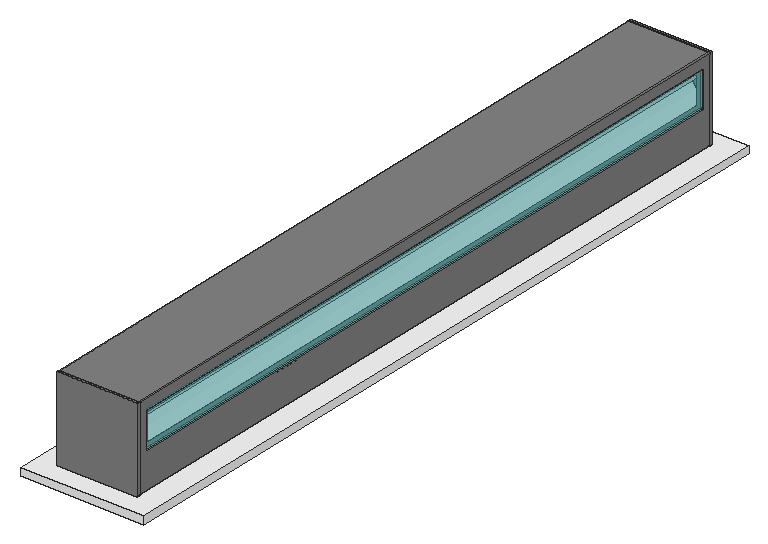
Revit family "BE_24644_de_DE", category Leuchten, Revit 2017
Family settings
  Basisbauteil = Fläche
  Bemaßung runder Anschluss = Durchmesser verwenden
  Teiletyp = Normal
  Beim Laden mit Abzugskörper schneiden = Ja
  Lichtquelle = Ja
  Gemeinsam genutzt = Nein
  Raumberechnungspunkt = Ja
Parameters (values of type "BEGA_24644_Grafit_K4")
  built-in parameter 1150104 = 17.476 (stored number, unit not read)
  Wattage = 74 W
  Default Elevation = 0 mm
  built-in parameter 1150113 = 1 (stored number, unit not read)
  built-in parameter 1114218 = 1 (stored number, unit not read)
  Umgebungstemperatur = "25 °C"
  URL = "https://www.bega.com/de/produkt/24644"
  Typenkommentare = "© 2021 BEGA. Wir behalten uns das Recht vor, technische Änderungen ohne vorherige Ankündigung vorzunehmen."  # constant formula
  built-in parameter 1150134 = 12
  built-in parameter 1150109 = 1 (stored number, unit not read)
  Strom = ""
  built-in parameter 1150110 = 1 (stored number, unit not read)
  Spannung = 239.996 V
  Sonderanfertigung = no
  Seriennummer [instance] = "Hier können Sie die eindeutige Seriennummer für das Facility Management eintragen."
  Schutzklasse = "I"
  Schutzart = "IP 65"
  Scheinlast = 0 VA
  Produktdatenblatt = "http://www.bega.de/download/Xrfa/db/24644.db.de.pdf"
  Oberflächentemperatur = ""
  Neigungswinkel = 0.00°
  Modell = "24644K4"
  Material_17 = BEGA_Reflektor
  Material_15 = BEGA_Leuchtmedium_matt
  Material_09 = BEGA_Glas_klar
  Material_06 = BEGA_Oberfläche_Edelstahl_gebürstet
  Material_05 = BEGA_Oberfläche_Aluminium Guss
  Material_02 = BEGA_Oberfläche_Silber_matt
  Material_01 [instance] = BEGA_Oberfläche_Grafit_matt
  M_W = no
  M_G = yes
  M_A = no
  Logo = 0
  built-in parameter 1114217 = 1 (stored number, unit not read)
  built-in parameter 1150139 = (empty or 0)
  built-in parameter 1150105 = 1107.7 (stored number, unit not read)
  built-in parameter 1150114 = 1 (stored number, unit not read)
  Lumens = 13920.1 lm
  built-in parameter 1150115 = 1 (stored number, unit not read)
  Leuchtenlichtstrom = "8097 lm"
  Leuchtenanzahl = ""
  Lebensdauerkriterien = "L70B50 @ 25 °C = 200000 h"
  Lastklassifizierung = Beleuchtung
  built-in parameter 1150112 = 1 (stored number, unit not read)
  Lampenlichtstrom = "13920 lm"
  Lampe = "LED 69.6 W"
  LED_Modulbezeichnung = "6x LED-1204/840"
  built-in parameter 1150142 = (empty or 0)
  Hersteller = "BEGA"  # constant formula
  Halbstreuwinkel = ""
  Gewicht = "8.65 kg"
  Gebrauchslageneinschränkung [instance] = ""
  Frequenz = "0/50-60 Hz"
  Farbwiedergabeindex = "CRI > 80"
  Farbtemperaturverschiebung bei Dämpfen der Lampe = <Keine Auswahl>
  Farbtemperatur = "4000 K"
  Color Filter = 16777215
  built-in parameter 1150133 = 10 (stored number, unit not read)
  Energieeffizienzklasse = "LED A++ - A"
  built-in parameter 1150137 = (empty or 0)
  built-in parameter 1150132 = (empty or 0)
  ENEC = ""
  Dimmbar [instance] = "DALI"
  Datei für fotometrisches Netz = "BE_24644K4.IES"
  CE_Konformität = "ja"
  Bestellnummer = "24644K4"
  Beschreibung_Sonderanfertigung = "Hier können Sie Informationen zur Sonderanfertigung eintragen."
  Beschreibung = "Wandleuchte"
  built-in parameter 1150106 = 11.077 (stored number, unit not read)
  Befestigungsbohrung = "Ø 7 mm"
  Befestigungsabstand = "850 mm"
  BEGA_Intern_aus = yes
  BEGA_Intern_an = yes
  BEGA_Intern_Konstruktion = yes
  BEGA_Intern = yes
  BEGA_IES = yes
  BEGA_Dummy = no
  Anschlussleitung = ""
  Anschlussleistung [instance] = "74 W"
  Anschlusskasten = ""
  built-in parameter 1150107 = 4000 (stored number, unit not read)
  built-in parameter 1150102 = (empty or 0)
  built-in parameter 1150138 = (empty or 0)
  Aktualisierung = "2021-08-16T04:00:07"
  Abstand_zur_angestrahlten_Fläche [instance] = ""
  AC/DC = "AC/DC"
Types (4, lengths in mm): name | built-in parameter 1150104 | built-in parameter 1150134 | Modell | M_G | M_A | built-in parameter 1150105 | Lumens | Leuchtenlichtstrom | Lampenlichtstrom | LED_Modulbezeichnung | Farbtemperatur | Datei für fotometrisches Netz | Bestellnummer | built-in parameter 1150106 | built-in parameter 1150107
  BEGA_24644_Silber_K3 | 16.986 (stored number, unit not read) | (empty or 0) | "24644AK3" | no | yes | 1076.7 (stored number, unit not read) | 13530.2 lm | "7870 lm" | "13530 lm" | "6x LED-1204/830" | "3000 K" | "BE_24644K3.IES" | "24644AK3" | 10.767 (stored number, unit not read) | 3000 (stored number, unit not read)
  BEGA_24644_Silber_K4 | 17.476 (stored number, unit not read) | 12 | "24644AK4" | no | yes | 1107.7 (stored number, unit not read) | 13920.1 lm | "8097 lm" | "13920 lm" | "6x LED-1204/840" | "4000 K" | "BE_24644K4.IES" | "24644AK4" | 11.077 (stored number, unit not read) | 4000 (stored number, unit not read)
  BEGA_24644_Grafit_K3 | 16.986 (stored number, unit not read) | (empty or 0) | "24644K3" | yes | no | 1076.7 (stored number, unit not read) | 13530.2 lm | "7870 lm" | "13530 lm" | "6x LED-1204/830" | "3000 K" | "BE_24644K3.IES" | "24644K3" | 10.767 (stored number, unit not read) | 3000 (stored number, unit not read)
  BEGA_24644_Grafit_K4 | 17.476 (stored number, unit not read) | 12 | "24644K4" | yes | no | 1107.7 (stored number, unit not read) | 13920.1 lm | "8097 lm" | "13920 lm" | "6x LED-1204/840" | "4000 K" | "BE_24644K4.IES" | "24644K4" | 11.077 (stored number, unit not read) | 4000 (stored number, unit not read)
Reference planes
  plane 1 "Mitte (Vorne/Hinten)": y = 0
  plane 2: z = 0
  plane 3 "Mitte (Links/Rechts)": x = 0
  plane 4 "Links": x = -52.5
  plane 5 "Rechts": x = 52.5
  plane 6 "Unten": y = -465.127
  plane 7 "Oben": y = 465.054
  plane 8 "Vorne": z = 110.782
  plane 9 "Hinten": z = 0
Forms (mm)
  Extrusion 1, solid, material "BEGA_Platte_Weiss"
    sketch origin (0, -1119.2, 0) x (1, 0, 0) y (0, 1, 0)
      loop
        line (-80, 1609.2) -> (-80, 629.2) -> (80, 629.2) -> (80, 1609.2) -> (-80, 1609.2)
    from 0 to -10
  Extrusion 2, solid, material "BEGA_Dummy_matt", visible <- "BEGA_Dummy"
    sketch origin (80.095, -76.023, 0) x (1, 0, 0) y (0, 1, 0)
      loop
        line (-132.595, 541.077) -> (-132.595, -389.104) -> (-27.595, -389.104) -> (-27.595, 541.077) -> (-132.595, 541.077)
    from 0 to 110.782
Dimensions and locks
  plane 1 "Mitte (Vorne/Hinten)" to Extrusion 1 = 490 mm
  aligned and locked: Extrusion 1 to plane 2
  aligned and locked: level to Extrusion 1
Nested families
  nested 1: "BE_24644" at (0, 0, 0), type "BE_24644"
Connectors
  electrical at (0, 0, 0), driven by "Lastklassifizierung", driven by "Spannung", driven by "Scheinlast"
    settings: index 1, voltage 239.996 V, apparent load 0 VA, apparent load phase1 0 VA, apparent load phase2 0 VA, apparent load phase3 0 VA, power factor 1, load classification "Beleuchtung", number of poles 1, system type 31, power factor state 1, is connector primary yes, connector utility no, sub classification motor no, connector description ""
Definition of nested family "BE_24644"
  Parameters (values of type "BE_24644")
    Default Elevation = 1 mm
    URL = "http://www.bega.de/de/produkt"
    Type Comments = "© 2015 BEGA. Wir behalten uns das Recht vor, technische Änderungen ohne vorherige Ankündigung vorzunehmen. "  # constant formula
    Type Image = (empty or 0)
    Material_17 = none
    Material_15 = none
    Material_09 = none
    Material_06 = none
    Material_05 = none
    Material_02 = none
    Material_01 = none
    M_W = yes
    M_G = yes
    M_A = yes
    Länge_Platte = 200 mm  # constant formula
    Höhe_Platte = -10 mm  # constant formula
    Manufacturer = "BEGA"  # constant formula
    Breite_Platte = 1000 mm  # constant formula
  Reference planes
    plane 1 "Mitte (Oben/Unten)": y = 0
    plane 2: z = 0
    plane 3 "Mitte (Links/Rechts)": x = 0
    plane 4: x = -52.4
    plane 5: x = 52.5
    plane 6: z = 110.782
  Forms (mm)
    Extrusion 1, solid, detail levels medium
      sketch origin (0, 0, 0) x (1, 0, 0) y (0, 1, 0)
        loop
          line (-100, 500) -> (-100, -500) -> (100, -500) -> (100, 500) -> (-100, 500)
      from 0 to -10 <- "Höhe_Platte"
    Extrusion 2, solid, material <- "Material_01", visible <- "M_G"
      sketch origin (0, 0, 0) x (1, 0, 0) y (0, 0, 1)
        loop
          arc (-51.5, 110.782) -> (-52.207, 110.489) -> (-52.5, 109.782) r 1
          line (-52.5, 109.782) -> (-52.5, 97.782) -> (-52.5, 48.382) -> (-52.5, 2.782)
          arc (-52.5, 2.782) -> (-52.207, 2.074) -> (-51.5, 1.782) r 1
          line (-51.5, 1.782) -> (-33.514, 1.782) -> (-33.18, 11.348)
          arc (-33.18, 11.348) -> (-31.659, 14.776) -> (-28.183, 16.182) r 5
          line (-28.183, 16.182) -> (28.183, 16.182)
          arc (28.183, 16.182) -> (31.659, 14.776) -> (33.18, 11.348) r 5
          line (33.18, 11.348) -> (33.514, 1.782) -> (51.5, 1.782)
          arc (51.5, 1.782) -> (52.207, 2.074) -> (52.5, 2.782) r 1
          line (52.5, 2.782) -> (52.5, 109.782)
          arc (52.5, 109.782) -> (52.207, 110.489) -> (51.5, 110.782) r 1
          line (51.5, 110.782) -> (-51.5, 110.782)
        loop
          line (-46.5, 49.782) -> (-42.5, 49.782) -> (-12.495, 49.782) -> (-12.495, 103.782) -> (-46.5, 103.782) -> (-46.5, 49.782)
        loop
          line (46.5, 49.782) -> (46.5, 103.782) -> (12.495, 103.782) -> (12.495, 49.782) -> (42.5, 49.782) -> (46.5, 49.782)
      from -462 to 462
    Extrusion 3, solid, material <- "Material_01"
      sketch origin (0, 0, 0) x (1, 0, 0) y (0, 0, 1)
        loop
          line (-28.204, 4.046) -> (-24.895, 0.737)
          arc (-24.895, 0.737) -> (-24.083, 0.192) -> (-23.123, 0) r 2.5
          line (-23.123, 0) -> (23.394, 0)
          arc (23.394, 0) -> (24.354, 0.192) -> (25.166, 0.737) r 2.5
          line (25.166, 0.737) -> (28.476, 4.046)
          arc (28.476, 4.046) -> (28.768, 4.753) -> (28.476, 5.46) r 1
          line (28.476, 5.46) -> (26.436, 7.5) -> (28.476, 9.54)
          arc (28.476, 9.54) -> (28.768, 10.247) -> (28.476, 10.954) r 1
          line (28.476, 10.954) -> (27.773, 11.657)
          arc (27.773, 11.657) -> (27.068, 11.954) -> (26.359, 11.666) r 1
          line (26.359, 11.666) -> (24.372, 9.679)
          arc (24.372, 9.679) -> (23.827, 8.867) -> (23.636, 7.907) r 2.5
          line (23.636, 7.907) -> (23.636, 3.8)
          arc (23.636, 3.8) -> (23.343, 3.093) -> (22.636, 2.8) r 1
          line (22.636, 2.8) -> (15.136, 2.8) -> (-22.364, 2.8)
          arc (-22.364, 2.8) -> (-23.072, 3.093) -> (-23.364, 3.8) r 1
          line (-23.364, 3.8) -> (-23.364, 7.907)
          arc (-23.364, 7.907) -> (-23.555, 8.864) -> (-24.097, 9.675) r 2.5
          line (-24.097, 9.675) -> (-26.088, 11.666)
          arc (-26.088, 11.666) -> (-26.793, 11.954) -> (-27.497, 11.661) r 1
          line (-27.497, 11.661) -> (-28.204, 10.954)
          arc (-28.204, 10.954) -> (-28.497, 10.25) -> (-28.209, 9.544) r 1
          line (-28.209, 9.544) -> (-26.164, 7.5) -> (-28.209, 5.456)
          arc (-28.209, 5.456) -> (-28.497, 4.75) -> (-28.204, 4.046) r 1
      from -455 to 455
    Extrusion 4, void
      sketch origin (0, 0, 0) x (1, 0, 0) y (0, 1, 0)
        loop
          arc (15, 100) -> (0, 115) -> (-15, 100) r 15
          line (-15, 100) -> (-15, -100)
          arc (-15, -100) -> (0, -115) -> (15, -100) r 15
          line (15, -100) -> (15, 100)
        loop
          arc (3.5, -420) -> (0, -416.5) -> (-3.5, -420) r 3.5
          line (-3.5, -420) -> (-3.5, -430)
          arc (-3.5, -430) -> (0, -433.5) -> (3.5, -430) r 3.5
          line (3.5, -430) -> (3.5, -420)
        loop
          line (-5, 421.5) -> (5, 421.5)
          arc (5, 421.5) -> (8.5, 425) -> (5, 428.5) r 3.5
          line (5, 428.5) -> (-5, 428.5)
          arc (-5, 428.5) -> (-8.5, 425) -> (-5, 421.5) r 3.5
      from 0 to 2.8
    Extrusion 5, solid, material <- "Material_09"
      sketch origin (0, 0, 0) x (1, 0, 0) y (0, 0, 1)
        loop
          line (-52.4, 95.782) -> (-52.4, 50.282) -> (-48.4, 50.282) -> (-48.4, 95.782) -> (-52.4, 95.782)
      from -450.614 to 450.615
    Blend 6, void
      base sketch origin (0, 0, 0) x (0, 1, 0) y (0, 0, 1)
        loop
          line (-452, 97.782) -> (-452, 48.382) -> (452, 48.382) -> (452, 97.782) -> (-452, 97.782)
      top sketch origin (0, 0, 0) x (0, 1, 0) y (0, 0, 1)
        loop
          line (450.614, 96.398) -> (-450.615, 96.398) -> (-450.615, 49.765) -> (450.614, 49.765) -> (450.614, 96.398)
      from -52.5 to -48.2
    Extrusion 7, void
      sketch origin (0, 0, 0) x (0, 1, 0) y (0, 0, 1)
        loop
          line (462, 93.398) -> (-462, 93.398) -> (-462, 52.765) -> (462, 52.765) -> (462, 93.398)
      from -48.2 to -46.5
    Extrusion 8, solid, material <- "Material_01", visible <- "M_G"
      sketch origin (0, -150, 0) x (1, 0, 0) y (0, 0, 1)
        loop
          line (51.5, 110.782) -> (-51.5, 110.782)
          arc (-51.5, 110.782) -> (-52.207, 110.489) -> (-52.5, 109.782) r 1
          line (-52.5, 109.782) -> (-52.5, 2.782)
          arc (-52.5, 2.782) -> (-52.207, 2.074) -> (-51.5, 1.782) r 1
          line (-51.5, 1.782) -> (51.5, 1.782)
          arc (51.5, 1.782) -> (52.207, 2.074) -> (52.5, 2.782) r 1
          line (52.5, 2.782) -> (52.5, 109.782)
          arc (52.5, 109.782) -> (52.207, 110.489) -> (51.5, 110.782) r 1
      from 312 to 315.127
    Extrusion 9, solid, material <- "Material_01", visible <- "M_G"
      sketch origin (0, 150, 0) x (1, 0, 0) y (0, 0, -1)
        loop
          arc (51.5, -110.782) -> (52.207, -110.489) -> (52.5, -109.782) r 1
          line (52.5, -109.782) -> (52.5, -2.782)
          arc (52.5, -2.782) -> (52.207, -2.074) -> (51.5, -1.782) r 1
          line (51.5, -1.782) -> (-51.5, -1.782)
          arc (-51.5, -1.782) -> (-52.207, -2.074) -> (-52.5, -2.782) r 1
          line (-52.5, -2.782) -> (-52.5, -109.782)
          arc (-52.5, -109.782) -> (-52.207, -110.489) -> (-51.5, -110.782) r 1
          line (-51.5, -110.782) -> (51.5, -110.782)
      from 312 to 315.054
    Extrusion 10, solid, material <- "Material_17"
      sketch origin (0, 0, 0) x (1, 0, 0) y (0, 0, 1)
        loop
          line (-46.5, 96.532) -> (-19.661, 64.226) -> (-19.353, 65.028) -> (-45.709, 96.754) -> (-46.5, 96.532)
      from -462 to 462
    Extrusion 11, solid, material <- "Material_15"
      sketch origin (0, 154.005, 0) x (1, 0, 0) y (0, 0, 1)
        loop
          line (-36.427, 54.124) -> (-35.652, 52.782) -> (-18.764, 62.532) -> (-19.539, 63.874) -> (-36.427, 54.124)
      from 5.004 to 303.005
    Extrusion 12, solid, material <- "Material_05"
      sketch origin (0, 0, 0) x (1, 0, 0) y (0, 0, 1)
        loop
          line (-35.825, 52.682) -> (-34.325, 50.083) -> (-15.185, 61.134) -> (-22.705, 103.782) -> (-25.752, 103.782) -> (-18.505, 62.682) -> (-35.825, 52.682)
      from -462 to 462
    Extrusion 13, void
      sketch origin (0, 0, 0) x (0, 1, 0) y (0, 0, 1)
        loop
          circle (-439, 7.182) r 2.75
        loop
          circle (439, 7.182) r 2.75
      from -52.5 to -32.811
    Revolve 14, solid, material <- "Material_06"
      sketch origin (0, -439, 0) x (1, 0, 0) y (0, 0, 1)
        loop
          line (-45, 7.182) -> (-26.5, 7.182) -> (-29.5, 10.182) -> (-45, 10.182) -> (-45, 7.182)
        axis (-26.5, 7.182) -> (-45, 7.182)
      angle from 0 to 360
    Revolve 15, solid, material <- "Material_06"
      sketch origin (0, 439, 0) x (1, 0, 0) y (0, 0, -1)
        loop
          line (-45, -7.182) -> (-45, -10.182) -> (-29.5, -10.182) -> (-26.5, -7.182) -> (-45, -7.182)
        axis (-26.5, -7.182) -> (-45, -7.182)
      angle from 0 to 360
    Extrusion 16, solid, material <- "Material_01"
      sketch origin (0, 0, 0) x (0, 1, 0) y (0, 0, 1)
        loop
          line (446.114, 91.282) -> (-446.115, 91.282) -> (-446.115, 54.782) -> (446.114, 54.782) -> (446.114, 91.282)
        loop
          line (450.614, 95.782) -> (-450.615, 95.782) -> (-450.615, 50.282) -> (450.614, 50.282) -> (450.614, 95.782)
      from -48.4 to -48.2
    Extrusion 17, solid, material <- "Material_17"
      sketch origin (0, 0, 0) x (-1, 0, 0) y (0, 0, -1)
        loop
          line (-16.315, -100.895) -> (-15.695, -100.276)
          arc (-15.695, -100.276) -> (-26.218, -73.671) -> (-45.112, -52.187) r 83.413
          line (-45.112, -52.187) -> (-45.945, -52.144)
          arc (-45.945, -52.144) -> (-26.792, -73.883) -> (-16.315, -100.895) r 82.688
      from -462 to 462
    Extrusion 18, solid, material <- "Material_05"
      sketch origin (0, 0, 0) x (-1, 0, 0) y (0, 0, -1)
        loop
          arc (-43.545, -96.882) -> (-43.892, -96.124) -> (-44.696, -95.87) r 1
          arc (-44.696, -95.87) -> (-45.497, -95.639) -> (-45.845, -94.882) r 1
          line (-45.845, -94.882) -> (-45.845, -92.379) -> (-41.742, -81.053) -> (-39.391, -81.905) -> (-43.495, -93.182) -> (-22.34, -100.882) -> (-18.795, -100.882)
          arc (-18.795, -100.882) -> (-18.442, -100.735) -> (-18.295, -100.382) r 0.5
          line (-18.295, -100.382) -> (-18.295, -99.163)
          arc (-18.295, -99.163) -> (-17.916, -98.696) -> (-17.362, -98.932) r 0.5
          line (-17.362, -98.932) -> (-15.495, -102.165) -> (-15.495, -90.182) -> (-12.495, -90.182) -> (-12.495, -103.682) -> (-41.545, -103.682)
          arc (-41.545, -103.682) -> (-42.959, -103.096) -> (-43.545, -101.682) r 2
          line (-43.545, -101.682) -> (-43.515, -96.965)
      from -462 to 462
    Blend 19, void
      base sketch origin (0, 0, 0) x (0, 1, 0) y (0, 0, 1)
        loop
          line (-452, 97.782) -> (-452, 48.381) -> (452, 48.381) -> (452, 97.782) -> (-452, 97.782)
      top sketch origin (0, 0, 0) x (0, 1, 0) y (0, 0, 1)
        loop
          line (-450.615, 49.764) -> (450.616, 49.768) -> (450.613, 96.396) -> (-450.615, 96.396) -> (-450.615, 49.764)
      from 52.5 to 48.232
    Extrusion 20, void
      sketch origin (0, 0, 0) x (0, 1, 0) y (0, 0, 1)
        loop
          line (-462, 50.782) -> (462, 50.782) -> (462, 95.074) -> (-462, 95.074) -> (-462, 50.782)
      from 46.5 to 48.4
    Extrusion 21, solid, material <- "Material_09"
      sketch origin (0, 0, 0) x (-1, 0, 0) y (0, 0, -1)
        loop
          line (-52.4, -95.782) -> (-48.4, -95.782) -> (-48.4, -50.282) -> (-52.4, -50.282) -> (-52.4, -95.782)
      from -450.614 to 450.615
    Extrusion 22, solid, material <- "Material_01"
      sketch origin (0, 0, 0) x (0, 1, 0) y (0, 0, -1)
        loop
          line (446.115, -91.282) -> (446.115, -54.782) -> (-446.115, -54.782) -> (-446.115, -91.282) -> (446.115, -91.282)
        loop
          line (450.615, -95.782) -> (450.615, -50.282) -> (-450.615, -50.282) -> (-450.615, -95.782) -> (450.615, -95.782)
      from -48.4 to -48.2
    Extrusion 23, solid, material <- "Material_15"
      sketch origin (0, 148.995, 0) x (1, 0, 0) y (0, 0, -1)
        loop
          line (-36.427, -54.124) -> (-19.539, -63.874) -> (-18.764, -62.532) -> (-35.652, -52.782) -> (-36.427, -54.124)
      from 5.004 to 303.005
    Extrusion 24, solid, material <- "Material_15"
      sketch origin (0, -150, 0) x (1, 0, 0) y (0, 0, 1)
        loop
          line (24.171, 98.565) -> (42.495, 91.896) -> (43.026, 93.353) -> (24.701, 100.022) -> (24.171, 98.565)
      from 5.004 to 305
    Extrusion 25, solid, material <- "Material_15"
      sketch origin (0, -155.002, 0) x (1, 0, 0) y (0, 0, -1)
        loop
          line (24.171, -98.565) -> (24.701, -100.022) -> (43.026, -93.353) -> (42.495, -91.896) -> (24.171, -98.565)
      from 5.004 to 305
    Extrusion 26, solid, material <- "Material_15"
      sketch origin (0, -148.995, 0) x (1, 0, 0) y (0, 0, 1)
        loop
          line (-36.427, 54.124) -> (-35.652, 52.782) -> (-18.764, 62.532) -> (-19.539, 63.874) -> (-36.427, 54.124)
      from 5.004 to 303.005
    Extrusion 27, solid, material <- "Material_15"
      sketch origin (0, 150, 0) x (1, 0, 0) y (0, 0, -1)
        loop
          line (24.171, -98.565) -> (24.701, -100.022) -> (43.026, -93.353) -> (42.495, -91.896) -> (24.171, -98.565)
      from 5.004 to 305
    Extrusion 28, solid, material <- "Material_02", visible <- "M_A"
      sketch origin (0, 150, 0) x (1, 0, 0) y (0, 0, -1)
        loop
          arc (51.5, -110.782) -> (52.207, -110.489) -> (52.5, -109.782) r 1
          line (52.5, -109.782) -> (52.5, -2.782)
          arc (52.5, -2.782) -> (52.207, -2.074) -> (51.5, -1.782) r 1
          line (51.5, -1.782) -> (-51.5, -1.782)
          arc (-51.5, -1.782) -> (-52.207, -2.074) -> (-52.5, -2.782) r 1
          line (-52.5, -2.782) -> (-52.5, -109.782)
          arc (-52.5, -109.782) -> (-52.207, -110.489) -> (-51.5, -110.782) r 1
          line (-51.5, -110.782) -> (51.5, -110.782)
      from 312 to 315.054
    Extrusion 29, solid, material <- "Material_02", visible <- "M_A"
      sketch origin (0, 0, 0) x (1, 0, 0) y (0, 0, 1)
        loop
          arc (-51.5, 110.782) -> (-52.207, 110.489) -> (-52.5, 109.782) r 1
          line (-52.5, 109.782) -> (-52.5, 97.782) -> (-52.5, 48.382) -> (-52.5, 2.782)
          arc (-52.5, 2.782) -> (-52.207, 2.074) -> (-51.5, 1.782) r 1
          line (-51.5, 1.782) -> (-33.514, 1.782) -> (-33.18, 11.348)
          arc (-33.18, 11.348) -> (-31.659, 14.776) -> (-28.183, 16.182) r 5
          line (-28.183, 16.182) -> (28.183, 16.182)
          arc (28.183, 16.182) -> (31.659, 14.776) -> (33.18, 11.348) r 5
          line (33.18, 11.348) -> (33.514, 1.782) -> (51.5, 1.782)
          arc (51.5, 1.782) -> (52.207, 2.074) -> (52.5, 2.782) r 1
          line (52.5, 2.782) -> (52.5, 109.782)
          arc (52.5, 109.782) -> (52.207, 110.489) -> (51.5, 110.782) r 1
          line (51.5, 110.782) -> (-51.5, 110.782)
        loop
          line (-46.5, 49.782) -> (-42.5, 49.782) -> (-12.495, 49.782) -> (-12.495, 103.782) -> (-46.5, 103.782) -> (-46.5, 49.782)
        loop
          line (46.5, 49.782) -> (46.5, 103.782) -> (12.495, 103.782) -> (12.495, 49.782) -> (42.5, 49.782) -> (46.5, 49.782)
      from -462 to 462
    Extrusion 30, solid, material <- "Material_02", visible <- "M_A"
      sketch origin (0, -150, 0) x (1, 0, 0) y (0, 0, 1)
        loop
          line (51.5, 110.782) -> (-51.5, 110.782)
          arc (-51.5, 110.782) -> (-52.207, 110.489) -> (-52.5, 109.782) r 1
          line (-52.5, 109.782) -> (-52.5, 2.782)
          arc (-52.5, 2.782) -> (-52.207, 2.074) -> (-51.5, 1.782) r 1
          line (-51.5, 1.782) -> (51.5, 1.782)
          arc (51.5, 1.782) -> (52.207, 2.074) -> (52.5, 2.782) r 1
          line (52.5, 2.782) -> (52.5, 109.782)
          arc (52.5, 109.782) -> (52.207, 110.489) -> (51.5, 110.782) r 1
      from 312 to 315.127
  Cuts and joins
    Extrusion 4, Blend 6, Extrusion 7, Extrusion 13, Blend 19, Extrusion 20 cuts Extrusion 2
    Extrusion 4, Extrusion 13 cuts Extrusion 3
    Blend 19, Extrusion 20 cuts Extrusion 17
    Blend 19, Extrusion 20 cuts Extrusion 18
    Blend 6, Extrusion 7, Extrusion 13, Blend 19, Extrusion 20 cuts Extrusion 29
  Dimensions and locks
    equal spacing: Extrusion 1 sketch curve, plane 3 "Mitte (Links/Rechts)", Extrusion 1 sketch curve
    equal spacing: Extrusion 1 sketch curve, plane 1 "Mitte (Oben/Unten)", Extrusion 1 sketch curve
    "Länge_Platte": Extrusion 1 sketch curve to Extrusion 1 sketch curve
    "Breite_Platte": Extrusion 1 sketch curve to Extrusion 1 sketch curve
    aligned and locked: Extrusion 1 to plane 2
    aligned and locked: level to Extrusion 1
  Automatic sketch dimensions
    Extrusion 2 sketch curve to plane 6 = 0 mm
    Extrusion 2 sketch curve to plane 5 = 0 mm
    Extrusion 2 sketch curve to plane 5 = 1 mm  (x2)
    Extrusion 2 sketch curve to plane 5 = 6 mm
    Extrusion 2 sketch curve to Extrusion 2 sketch curve = 4 mm  (x2)
    level to Extrusion 2 sketch curve = 1.782 mm  (x2)
    Extrusion 2 sketch curve to Extrusion 2 sketch curve = 17.986 mm
    level to Extrusion 2 sketch curve = 11.348 mm  (x2)
    Extrusion 2 sketch curve to Extrusion 2 sketch curve = 0.334 mm  (x2)
    Extrusion 2 sketch curve to Extrusion 2 sketch curve = 4.997 mm  (x2)
    plane 3 "Mitte (Links/Rechts)" to Extrusion 2 sketch curve = 12.495 mm
    Extrusion 2 sketch curve to plane 3 "Mitte (Links/Rechts)" = 12.495 mm
    Extrusion 2 sketch curve to plane 4 = 24.217 mm
    Extrusion 2 sketch curve to plane 4 = 9.9 mm
    Extrusion 2 sketch curve to plane 4 = 0.9 mm  (x2)
    plane 4 to Extrusion 2 sketch curve = 0.1 mm
    Extrusion 2 sketch curve to Extrusion 2 sketch curve = 0.167 mm
    Extrusion 2 sketch curve to Extrusion 2 sketch curve = 32.2 mm
    Extrusion 2 sketch curve to Extrusion 2 sketch curve = 33.6 mm
    Extrusion 2 sketch curve to Extrusion 2 sketch curve = 0 mm
    Extrusion 2 sketch curve to Extrusion 2 sketch curve = 12 mm
    Extrusion 2 sketch curve to plane 6 = 7 mm  (x2)
    Extrusion 3 sketch curve to level = 0 mm
    level to Extrusion 3 sketch curve = 5.456 mm
    Extrusion 3 sketch curve to plane 4 = 24.191 mm
    level to Extrusion 3 sketch curve = 9.544 mm
    Extrusion 3 sketch curve to Extrusion 3 sketch curve = 0 mm  (x10)
    Extrusion 3 sketch curve to Extrusion 3 sketch curve = 0.712 mm  (x4)
    Extrusion 3 sketch curve to Extrusion 3 sketch curve = 0.707 mm  (x9)
    level to Extrusion 3 sketch curve = 11.666 mm  (x2)
    Extrusion 3 sketch curve to Extrusion 3 sketch curve = 0.703 mm  (x5)
    Extrusion 3 sketch curve to Extrusion 3 sketch curve = 0.3 mm  (x2)
    level to Extrusion 3 sketch curve = 0.737 mm  (x2)
    Extrusion 3 sketch curve to Extrusion 3 sketch curve = 2.602 mm
    Extrusion 3 sketch curve to Extrusion 3 sketch curve = 2.5 mm
    Extrusion 3 sketch curve to Extrusion 3 sketch curve = 0.241 mm
    Extrusion 3 sketch curve to Extrusion 3 sketch curve = 1 mm  (x2)
    level to Extrusion 3 sketch curve = 2.8 mm
    plane 3 "Mitte (Links/Rechts)" to Extrusion 3 sketch curve = 15.136 mm
    Extrusion 3 sketch curve to Extrusion 3 sketch curve = 7.5 mm
    Extrusion 3 sketch curve to Extrusion 3 sketch curve = 0.759 mm
    level to Extrusion 3 sketch curve = 9.679 mm
    Extrusion 3 sketch curve to Extrusion 3 sketch curve = 0.737 mm
    Extrusion 3 sketch curve to Extrusion 3 sketch curve = 1.772 mm
    Extrusion 3 sketch curve to Extrusion 3 sketch curve = 1.763 mm
    Extrusion 3 sketch curve to Extrusion 3 sketch curve = 1.986 mm
    level to Extrusion 3 sketch curve = 7.5 mm
    Extrusion 3 sketch curve to Extrusion 3 sketch curve = 1.333 mm
    level to Extrusion 3 sketch curve = 11.657 mm
    Extrusion 3 sketch curve to Extrusion 3 sketch curve = 2.747 mm
    Extrusion 3 sketch curve to Extrusion 3 sketch curve = 2.044 mm
    Extrusion 3 sketch curve to Extrusion 3 sketch curve = 0.407 mm
    level to Extrusion 3 sketch curve = 4.046 mm  (x2)
    level to Extrusion 3 sketch curve = 10.954 mm  (x2)
    level to Extrusion 3 sketch curve = 11.661 mm
    Extrusion 3 sketch curve to Extrusion 3 sketch curve = 0.732 mm
    level to Extrusion 3 sketch curve = 9.675 mm
    level to Extrusion 3 sketch curve = 9.54 mm
    level to Extrusion 3 sketch curve = 5.46 mm
    Extrusion 4 sketch curve to plane 3 "Mitte (Links/Rechts)" = 0 mm  (x2)
    Extrusion 4 sketch curve to Extrusion 4 sketch curve = 3.5 mm  (x2)
    Extrusion 4 sketch curve to plane 3 "Mitte (Links/Rechts)" = 5 mm
    Extrusion 4 sketch curve to Extrusion 4 sketch curve = 15 mm
    plane 3 "Mitte (Links/Rechts)" to Extrusion 4 sketch curve = 5 mm
    plane 1 "Mitte (Oben/Unten)" to Extrusion 4 sketch curve = 430 mm
    Extrusion 4 sketch curve to Extrusion 4 sketch curve = 10 mm
    plane 1 "Mitte (Oben/Unten)" to Extrusion 4 sketch curve = 100 mm
    Extrusion 4 sketch curve to plane 1 "Mitte (Oben/Unten)" = 100 mm
    Extrusion 4 sketch curve to Extrusion 4 sketch curve = 321.5 mm
    Extrusion 4 sketch curve to Extrusion 4 sketch curve = 0 mm
    plane 4 to Extrusion 5 sketch curve = 0 mm
    Extrusion 5 sketch curve to plane 4 = 4 mm
    level to Extrusion 5 sketch curve = 50.282 mm
    Extrusion 5 sketch curve to plane 6 = 15 mm
    level to Blend 6 sketch curve = 48.382 mm
    plane 1 "Mitte (Oben/Unten)" to Blend 6 sketch curve = 452 mm
    Blend 6 sketch curve to plane 1 "Mitte (Oben/Unten)" = 452 mm
    Blend 6 sketch curve to plane 6 = 13 mm
    Blend 6 sketch curve to plane 6 = 14.383 mm
    plane 1 "Mitte (Oben/Unten)" to Blend 6 sketch curve = 450.615 mm
    level to Blend 6 sketch curve = 49.765 mm
    Blend 6 sketch curve to plane 1 "Mitte (Oben/Unten)" = 450.614 mm
    Extrusion 7 sketch curve to plane 6 = 17.383 mm
    plane 1 "Mitte (Oben/Unten)" to Extrusion 7 sketch curve = 462 mm
    level to Extrusion 7 sketch curve = 52.765 mm
    Extrusion 7 sketch curve to plane 1 "Mitte (Oben/Unten)" = 462 mm
    Extrusion 8 sketch curve to plane 6 = 0 mm
    Extrusion 8 sketch curve to plane 5 = 0 mm
    Extrusion 8 sketch curve to plane 5 = 1 mm  (x2)
    Extrusion 8 sketch curve to plane 4 = 0.9 mm  (x2)
    plane 4 to Extrusion 8 sketch curve = 0.1 mm
    level to Extrusion 8 sketch curve = 2.782 mm
    Extrusion 9 sketch curve to plane 6 = 0 mm
    Extrusion 9 sketch curve to plane 5 = 0 mm
    Extrusion 9 sketch curve to plane 5 = 1 mm  (x2)
    Extrusion 9 sketch curve to plane 4 = 0.9 mm  (x2)
    plane 4 to Extrusion 9 sketch curve = 0.1 mm
    level to Extrusion 9 sketch curve = 2.782 mm
    Extrusion 10 sketch curve to plane 4 = 5.9 mm
    Extrusion 10 sketch curve to Extrusion 10 sketch curve = 0.791 mm
    Extrusion 10 sketch curve to plane 3 "Mitte (Links/Rechts)" = 19.661 mm
    Extrusion 10 sketch curve to Extrusion 10 sketch curve = 0.308 mm
    Extrusion 10 sketch curve to plane 6 = 46.556 mm
    Extrusion 10 sketch curve to Extrusion 10 sketch curve = 0.803 mm
    Extrusion 10 sketch curve to plane 6 = 14.25 mm
    Extrusion 10 sketch curve to Extrusion 10 sketch curve = 0.222 mm
    Extrusion 11 sketch curve to plane 4 = 15.973 mm
    Extrusion 11 sketch curve to Extrusion 11 sketch curve = 0.775 mm  (x2)
    Extrusion 11 sketch curve to Extrusion 11 sketch curve = 16.887 mm
    level to Extrusion 11 sketch curve = 52.782 mm
    Extrusion 11 sketch curve to Extrusion 11 sketch curve = 1.342 mm  (x2)
    Extrusion 11 sketch curve to Extrusion 11 sketch curve = 9.75 mm
    Extrusion 12 sketch curve to plane 4 = 16.575 mm
    Extrusion 12 sketch curve to Extrusion 12 sketch curve = 1.5 mm
    Extrusion 12 sketch curve to plane 6 = 7 mm
    Extrusion 12 sketch curve to plane 3 "Mitte (Links/Rechts)" = 25.752 mm
    Extrusion 12 sketch curve to Extrusion 12 sketch curve = 3.046 mm
    Extrusion 12 sketch curve to plane 3 "Mitte (Links/Rechts)" = 18.505 mm
    Extrusion 12 sketch curve to Extrusion 12 sketch curve = 3.319 mm
    Extrusion 12 sketch curve to Extrusion 12 sketch curve = 41.1 mm
    Extrusion 12 sketch curve to Extrusion 12 sketch curve = 1.548 mm
    Extrusion 12 sketch curve to Extrusion 12 sketch curve = 10 mm
    Extrusion 12 sketch curve to Extrusion 12 sketch curve = 2.598 mm
    Revolve 14 sketch curve to plane 4 = 7.4 mm
    Revolve 14 sketch curve to Revolve 14 sketch curve = 15.5 mm
    level to Revolve 14 sketch curve = 7.182 mm
    Revolve 14 sketch curve to Revolve 14 sketch curve = 3 mm  (x2)
    Revolve 14 sketch curve to Revolve 14 sketch curve = 2 mm
    Revolve 14 sketch curve to Revolve 14 sketch curve = 1.5 mm
    Revolve 14 sketch curve to Revolve 14 sketch curve = 0 mm
    Revolve 15 sketch curve to plane 4 = 7.4 mm
    Revolve 15 sketch curve to Revolve 15 sketch curve = 15.5 mm
    level to Revolve 15 sketch curve = 7.182 mm
    Revolve 15 sketch curve to Revolve 15 sketch curve = 3 mm  (x2)
    Revolve 15 sketch curve to Revolve 15 sketch curve = 2 mm
    Revolve 15 sketch curve to Revolve 15 sketch curve = 1.5 mm
    Revolve 15 sketch curve to Revolve 15 sketch curve = 0 mm
    level to Extrusion 16 sketch curve = 50.282 mm
    plane 1 "Mitte (Oben/Unten)" to Extrusion 16 sketch curve = 450.615 mm
    Extrusion 16 sketch curve to Extrusion 16 sketch curve = 4.5 mm  (x3)
    level to Extrusion 16 sketch curve = 54.782 mm
    Extrusion 16 sketch curve to plane 1 "Mitte (Oben/Unten)" = 446.114 mm
    Extrusion 16 sketch curve to plane 6 = 19.5 mm
    Extrusion 17 sketch curve to plane 6 = 6.048 mm
    Extrusion 17 sketch curve to plane 5 = 44.953 mm
    Extrusion 17 sketch curve to Extrusion 17 sketch curve = 0.079 mm
    plane 5 to Extrusion 17 sketch curve = 6.555 mm
    Extrusion 17 sketch curve to Extrusion 17 sketch curve = 0.833 mm
    Extrusion 17 sketch curve to plane 3 "Mitte (Links/Rechts)" = 16.315 mm
    plane 6 to Extrusion 17 sketch curve = 10.506 mm
    Extrusion 17 sketch curve to Extrusion 17 sketch curve = 0.619 mm
    Extrusion 17 sketch curve to level = 52.187 mm
    Extrusion 17 sketch curve to Extrusion 17 sketch curve = 0.044 mm
    Extrusion 18 sketch curve to plane 5 = 6.655 mm
    Extrusion 18 sketch curve to Extrusion 18 sketch curve = 1 mm  (x3)
    Extrusion 18 sketch curve to Extrusion 18 sketch curve = 0.3 mm
    Extrusion 18 sketch curve to Extrusion 18 sketch curve = 1.349 mm
    Extrusion 18 sketch curve to plane 5 = 10.758 mm
    Extrusion 18 sketch curve to Extrusion 18 sketch curve = 2 mm  (x2)
    Extrusion 18 sketch curve to Extrusion 18 sketch curve = 2.351 mm
    Extrusion 18 sketch curve to plane 6 = 9.9 mm
    Extrusion 18 sketch curve to Extrusion 18 sketch curve = 19.205 mm
    Extrusion 18 sketch curve to Extrusion 18 sketch curve = 3.544 mm
    Extrusion 18 sketch curve to plane 6 = 10.4 mm
    Extrusion 18 sketch curve to Extrusion 18 sketch curve = 0.5 mm  (x2)
    Extrusion 18 sketch curve to Extrusion 18 sketch curve = 0 mm
    Extrusion 18 sketch curve to plane 6 = 11.85 mm
    Extrusion 18 sketch curve to Extrusion 18 sketch curve = 0.433 mm
    Extrusion 18 sketch curve to Extrusion 18 sketch curve = 2.8 mm
    Extrusion 18 sketch curve to Extrusion 18 sketch curve = 3 mm
    Extrusion 18 sketch curve to plane 6 = 9.1 mm
    Extrusion 18 sketch curve to Extrusion 18 sketch curve = 1.784 mm
    Extrusion 18 sketch curve to Extrusion 18 sketch curve = 0.25 mm
    Extrusion 18 sketch curve to Extrusion 18 sketch curve = 4.8 mm
    Extrusion 18 sketch curve to Extrusion 18 sketch curve = 1.7 mm
    Extrusion 18 sketch curve to Extrusion 18 sketch curve = 0.802 mm
    Extrusion 18 sketch curve to Extrusion 18 sketch curve = 8.75 mm
    Extrusion 18 sketch curve to Extrusion 18 sketch curve = 11.277 mm
    Extrusion 18 sketch curve to Extrusion 18 sketch curve = 0.852 mm
    Extrusion 18 sketch curve to Extrusion 18 sketch curve = 0.148 mm
    Extrusion 18 sketch curve to Extrusion 18 sketch curve = 0.003 mm
    Extrusion 18 sketch curve to Extrusion 18 sketch curve = 0.029 mm
    Extrusion 18 sketch curve to Extrusion 18 sketch curve = 0.083 mm  (x2)
    level to Blend 19 sketch curve = 48.381 mm
    plane 1 "Mitte (Oben/Unten)" to Blend 19 sketch curve = 452 mm
    Blend 19 sketch curve to plane 1 "Mitte (Oben/Unten)" = 452 mm
    Blend 19 sketch curve to plane 6 = 13 mm
    Blend 19 sketch curve to plane 6 = 14.386 mm
    plane 1 "Mitte (Oben/Unten)" to Blend 19 sketch curve = 450.615 mm
    Blend 19 sketch curve to plane 1 "Mitte (Oben/Unten)" = 450.613 mm
    level to Blend 19 sketch curve = 49.768 mm
    Blend 19 sketch curve to Blend 19 sketch curve = 0.003 mm
    Blend 19 sketch curve to Blend 19 sketch curve = 46.632 mm
    Extrusion 20 sketch curve to plane 6 = 15.707 mm
    plane 1 "Mitte (Oben/Unten)" to Extrusion 20 sketch curve = 462 mm
    Extrusion 20 sketch curve to plane 1 "Mitte (Oben/Unten)" = 462 mm
    Extrusion 20 sketch curve to Extrusion 20 sketch curve = 44.293 mm
    plane 5 to Extrusion 21 sketch curve = 0.1 mm
    Extrusion 21 sketch curve to Extrusion 21 sketch curve = 4 mm
    Extrusion 21 sketch curve to level = 50.282 mm
    plane 6 to Extrusion 21 sketch curve = 15 mm
    level to Extrusion 22 sketch curve = 50.282 mm
    plane 1 "Mitte (Oben/Unten)" to Extrusion 22 sketch curve = 450.615 mm
    Extrusion 22 sketch curve to Extrusion 22 sketch curve = 4.5 mm  (x3)
    level to Extrusion 22 sketch curve = 54.782 mm
    Extrusion 22 sketch curve to plane 1 "Mitte (Oben/Unten)" = 446.115 mm
    Extrusion 22 sketch curve to plane 6 = 19.5 mm
    Extrusion 23 sketch curve to plane 4 = 15.973 mm
    Extrusion 23 sketch curve to Extrusion 23 sketch curve = 0.775 mm  (x2)
    Extrusion 23 sketch curve to Extrusion 23 sketch curve = 16.887 mm
    Extrusion 23 sketch curve to plane 6 = 46.908 mm
    Extrusion 23 sketch curve to Extrusion 23 sketch curve = 1.342 mm  (x2)
    Extrusion 23 sketch curve to Extrusion 23 sketch curve = 9.75 mm
    plane 3 "Mitte (Links/Rechts)" to Extrusion 24 sketch curve = 24.171 mm
    Extrusion 24 sketch curve to plane 6 = 10.76 mm
    Extrusion 24 sketch curve to Extrusion 24 sketch curve = 0.53 mm  (x2)
    Extrusion 24 sketch curve to plane 5 = 10.005 mm
    Extrusion 24 sketch curve to Extrusion 24 sketch curve = 1.457 mm  (x2)
    Extrusion 24 sketch curve to plane 6 = 17.429 mm
    plane 3 "Mitte (Links/Rechts)" to Extrusion 25 sketch curve = 24.171 mm
    Extrusion 25 sketch curve to plane 6 = 10.76 mm
    Extrusion 25 sketch curve to Extrusion 25 sketch curve = 0.53 mm  (x2)
    Extrusion 25 sketch curve to plane 5 = 10.005 mm
    Extrusion 25 sketch curve to Extrusion 25 sketch curve = 1.457 mm  (x2)
    Extrusion 25 sketch curve to plane 6 = 17.429 mm
    Extrusion 26 sketch curve to plane 4 = 15.973 mm
    Extrusion 26 sketch curve to Extrusion 26 sketch curve = 0.775 mm  (x2)
    Extrusion 26 sketch curve to Extrusion 26 sketch curve = 16.887 mm
    level to Extrusion 26 sketch curve = 52.782 mm
    Extrusion 26 sketch curve to Extrusion 26 sketch curve = 1.342 mm  (x2)
    Extrusion 26 sketch curve to Extrusion 26 sketch curve = 9.75 mm
    plane 3 "Mitte (Links/Rechts)" to Extrusion 27 sketch curve = 24.171 mm
    Extrusion 27 sketch curve to plane 6 = 10.76 mm
    Extrusion 27 sketch curve to Extrusion 27 sketch curve = 0.53 mm  (x2)
    Extrusion 27 sketch curve to plane 5 = 10.005 mm
    Extrusion 27 sketch curve to Extrusion 27 sketch curve = 1.457 mm  (x2)
    Extrusion 27 sketch curve to plane 6 = 17.429 mm
    Extrusion 28 sketch curve to plane 6 = 0 mm
    Extrusion 28 sketch curve to plane 5 = 0 mm
    Extrusion 28 sketch curve to plane 5 = 1 mm  (x2)
    Extrusion 28 sketch curve to plane 4 = 0.9 mm  (x2)
    plane 4 to Extrusion 28 sketch curve = 0.1 mm
    level to Extrusion 28 sketch curve = 2.782 mm
    Extrusion 29 sketch curve to plane 6 = 0 mm
    Extrusion 29 sketch curve to plane 5 = 0 mm
    Extrusion 29 sketch curve to plane 5 = 1 mm  (x2)
    Extrusion 29 sketch curve to plane 5 = 6 mm
    Extrusion 29 sketch curve to Extrusion 29 sketch curve = 4 mm  (x2)
    level to Extrusion 29 sketch curve = 1.782 mm  (x2)
    Extrusion 29 sketch curve to Extrusion 29 sketch curve = 17.986 mm
    level to Extrusion 29 sketch curve = 11.348 mm  (x2)
    Extrusion 29 sketch curve to Extrusion 29 sketch curve = 0.334 mm  (x2)
    Extrusion 29 sketch curve to Extrusion 29 sketch curve = 4.997 mm  (x2)
    plane 3 "Mitte (Links/Rechts)" to Extrusion 29 sketch curve = 12.495 mm
    Extrusion 29 sketch curve to plane 3 "Mitte (Links/Rechts)" = 12.495 mm
    Extrusion 29 sketch curve to plane 4 = 24.217 mm
    Extrusion 29 sketch curve to plane 4 = 9.9 mm
    Extrusion 29 sketch curve to plane 4 = 0.9 mm  (x2)
    plane 4 to Extrusion 29 sketch curve = 0.1 mm
    Extrusion 29 sketch curve to Extrusion 29 sketch curve = 0.167 mm
    Extrusion 29 sketch curve to Extrusion 29 sketch curve = 32.2 mm
    Extrusion 29 sketch curve to Extrusion 29 sketch curve = 33.6 mm
    Extrusion 29 sketch curve to Extrusion 29 sketch curve = 0 mm
    Extrusion 29 sketch curve to Extrusion 29 sketch curve = 12 mm
    Extrusion 29 sketch curve to plane 6 = 7 mm  (x2)
    Extrusion 30 sketch curve to plane 6 = 0 mm
    Extrusion 30 sketch curve to plane 5 = 0 mm
    Extrusion 30 sketch curve to plane 5 = 1 mm  (x2)
    Extrusion 30 sketch curve to plane 4 = 0.9 mm  (x2)
    plane 4 to Extrusion 30 sketch curve = 0.1 mm
    level to Extrusion 30 sketch curve = 2.782 mm
